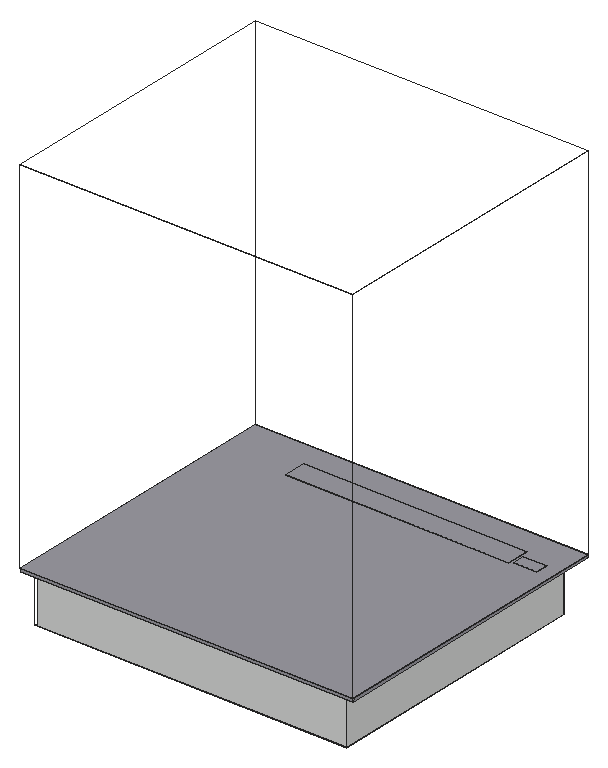
Revit family "CI604ZZDTB5-CI604ZZDTG5-CN", category Specialty Equipment, Revit 2020
Family settings
  Round Connector Dimension = Use Diameter
  Part Type = Normal
  Work Plane-Based = Yes
  Always vertical = No
  Cut with Voids When Loaded = Yes
  Shared = No
  Room Calculation Point = No
Parameters (values of type "CI604ZZDTG5")
  URL = "www.fisherpaykel.com"
  Product - Width = 598.473 mm
  Product - Height = 90 mm
  Product - Depth = 528.471 mm
  Model = "CI604ZZDTG5"
  Material - Cooktop = Fisher & Paykel - Glass, Grey
  Manufacturer = "Fisher & Paykel Appliances"
  Description = "60cm Series 7 Induction Cooktop"
  Default Elevation = 0 mm
  Clearance - Overhead Rangehood = 650 mm
  Clearance - Below Cooktop = 86 mm
  Cavity - Width = 560 mm
  Cavity - Height = 2260.449 mm
  Cavity - Depth = 490 mm
Types (3, lengths in mm): name | Model | Material - Cooktop
  (no name) | "CI604ZZDTG5" | Fisher & Paykel - Glass, Grey
  CI604ZZDTB5 | "CI604ZZDTB5" | Fisher & Paykel - Glass, Black
  CI604ZZDTG5 | "CI604ZZDTG5" | Fisher & Paykel - Glass, Grey
Reference planes
  plane 1 "Center (Front/Back)": y = 0
  plane 2: z = 0
  plane 3 "Center (Left/Right)": x = 0
  plane 4 "Product - LHS": x = -299.237
  plane 5 "Product - RHS": x = 299.237
  plane 6 "Cavity - RHS": x = 280
  plane 7 "Cavity - LHS": x = -280
  plane 8 "Product - Depth": y = 528.471
  plane 9 "Product - Height": z = 4
  plane 10: y = 10
  plane 11: y = 500
  plane 12: z = -86
  plane 13: z = 654
Forms (mm)
  Extrusion 1, solid, not visible
    sketch origin (-149.236, 268.236, 0) x (0, 1, 0) y (1, 0, 0)
      loop
        line (-528.472, 298.472) -> (-528.472, 0) -> (0, 0) -> (0, 298.472) -> (-528.472, 298.472)
    from 0 to -4
  Extrusion 2, solid, not visible
    sketch origin (-149.236, 268.236, 4) x (0, 1, 0) y (-1, 0, 0)
      loop
        line (-86.236, -44.236) -> (-86.236, -229.236) -> (-46.236, -229.236) -> (-46.236, -44.236) -> (-86.236, -44.236)
      loop
        line (-60.236, -234.236) -> (-82.236, -234.236) -> (-82.236, -276.236) -> (-60.236, -276.236) -> (-60.236, -234.236)
    from 0 to -2.95
  Extrusion 3, solid, material "Fisher & Paykel - Glass, Grey" <- "Material - Cooktop"
    sketch origin (0, 0, 0) x (1, 0, 0) y (0, 1, 0)
      loop
        line (-299.235, 526.981) -> (-299.235, 1.491)
        arc (-299.235, 1.491) -> (-298.802, 0.427) -> (-297.736, 0) r 1.468
        line (-297.736, 0) -> (297.745, 0.001)
        arc (297.745, 0.001) -> (298.809, 0.434) -> (299.237, 1.5) r 1.468
        line (299.237, 1.5) -> (299.237, 526.974)
        arc (299.237, 526.974) -> (298.809, 528.039) -> (297.745, 528.471) r 1.468
        line (297.745, 528.471) -> (-297.738, 528.473)
        arc (-297.738, 528.473) -> (-298.803, 528.045) -> (-299.235, 526.981) r 1.468
    from 0 to 4
  Extrusion 4, solid, material "Fisher & Paykel - Glass, Grey" <- "Material - Cooktop"
    sketch origin (0, 0, 0) x (1, 0, 0) y (0, 1, 0)
      loop
        line (-175, 482.236) -> (-175, 442.236) -> (225, 442.236) -> (225, 482.236) -> (-175, 482.236)
      loop
        line (230, 468.236) -> (230, 446.236) -> (272, 446.236) -> (272, 468.236) -> (230, 468.236)
    from 1.582 to 4
  Extrusion 5, solid, material "Fisher & Paykel - Clearance Required"
    sketch origin (0, 0, 0) x (1, 0, 0) y (0, 1, 0)
      loop
        line (-280, 500) -> (-280, 10) -> (280, 10) -> (280, 500) -> (-280, 500)
    from 0 to -86
  Extrusion 6, void
    sketch origin (0, 0, 0) x (1, 0, 0) y (0, 1, 0)
      loop
        line (-280, 500) -> (-280, 10) -> (280, 10) -> (280, 500) -> (-280, 500)
    from 0 to -86
  Extrusion 7, solid, material "Fisher & Paykel - Clearance Required"
    sketch origin (0, 0, 4) x (1, 0, 0) y (0, 1, 0)
      loop
        line (299.237, 528.471) -> (-299.237, 528.471) -> (-299.237, 0) -> (299.237, 0) -> (299.237, 528.471)
    from 0 to 650
  Extrusion 8, solid, material "Fisher & Paykel - Steel Galvanized"
    sketch origin (0, 0, 0) x (1, 0, 0) y (0, 1, 0)
      loop
        line (-277.5, 497.5) -> (-277.5, 12.5) -> (277.5, 12.5) -> (277.5, 497.5) -> (-277.5, 497.5)
    from 0 to -86
Dimensions and locks
  "Product - Width": plane 4 "Product - LHS" to plane 5 "Product - RHS"
  equal spacing: plane 4 "Product - LHS", plane 3 "Center (Left/Right)", plane 5 "Product - RHS"
  "Cavity - Width": plane 7 "Cavity - LHS" to plane 6 "Cavity - RHS"
  "Product - Depth": plane 8 "Product - Depth" to plane 1 "Center (Front/Back)"
  equal spacing: plane 7 "Cavity - LHS", plane 3 "Center (Left/Right)", plane 6 "Cavity - RHS"
  "Cavity - Depth": plane 11 to plane 10
  "Clearance - Below Cooktop": plane 12 to plane 2
  "Product - Height": plane 9 "Product - Height" to plane 12
  "Clearance - Overhead Rangehood": plane 13 to plane 9 "Product - Height"
  aligned and locked: level to plane 2
  aligned and locked: plane 9 "Product - Height" to Extrusion 3
  aligned and locked: plane 9 "Product - Height" to Extrusion 4
  aligned and locked: Extrusion 5 sketch curve to plane 7 "Cavity - LHS"
  aligned and locked: Extrusion 5 sketch curve to plane 11
  aligned and locked: Extrusion 5 sketch curve to plane 6 "Cavity - RHS"
  aligned and locked: Extrusion 5 sketch curve to plane 10
  aligned and locked: Extrusion 6 to plane 12
  aligned and locked: Extrusion 5 to plane 12
  aligned and locked: Extrusion 7 sketch curve to plane 5 "Product - RHS"
  aligned and locked: Extrusion 7 sketch curve to plane 4 "Product - LHS"
  aligned and locked: Extrusion 7 sketch curve to plane 8 "Product - Depth"
  aligned and locked: Extrusion 7 sketch curve to plane 1 "Center (Front/Back)"
  aligned and locked: plane 13 to Extrusion 7
  aligned and locked: Extrusion 8 to plane 12
Automatic sketch dimensions
  Extrusion 2 sketch curve to Extrusion 1 = 86.236 mm
  Extrusion 2 sketch curve to Extrusion 2 sketch curve = 40 mm
  Extrusion 2 sketch curve to Extrusion 1 = 69.236 mm
  Extrusion 2 sketch curve to Extrusion 1 = 44.236 mm
  Extrusion 2 sketch curve to Extrusion 2 sketch curve = 4 mm
  Extrusion 2 sketch curve to Extrusion 2 sketch curve = 14 mm
  Extrusion 2 sketch curve to Extrusion 2 sketch curve = 5 mm
  Extrusion 2 sketch curve to Extrusion 1 = 22.236 mm
  Extrusion 1 sketch curve to Extrusion 1 sketch curve = 0 mm  (x3)
  Extrusion 1 sketch curve to Extrusion 1 sketch curve = 528.472 mm
  Extrusion 1 sketch curve to Extrusion 1 sketch curve = 298.472 mm  (x2)
  plane 4 "Product - LHS" to Extrusion 3 sketch curve = 0.002 mm  (x2)
  Extrusion 3 sketch curve to Extrusion 3 sketch curve = 1.468 mm  (x3)
  plane 8 "Product - Depth" to Extrusion 3 sketch curve = 0.001 mm
  Extrusion 3 sketch curve to Extrusion 3 sketch curve = 0.029 mm
  plane 1 "Center (Front/Back)" to Extrusion 3 sketch curve = 0 mm
  Extrusion 3 sketch curve to Extrusion 3 sketch curve = 0.031 mm
  Extrusion 3 sketch curve to plane 1 "Center (Front/Back)" = 0.001 mm
  Extrusion 3 sketch curve to plane 5 "Product - RHS" = 1.491 mm  (x2)
  Extrusion 3 sketch curve to plane 8 "Product - Depth" = 0 mm
  Extrusion 3 sketch curve to plane 5 "Product - RHS" = 1.468 mm  (x2)
  Extrusion 3 sketch curve to plane 5 "Product - RHS" = 0 mm
  plane 5 "Product - RHS" to Extrusion 3 sketch curve = 0 mm
  Extrusion 3 sketch curve to plane 1 "Center (Front/Back)" = 1.467 mm
  Extrusion 3 sketch curve to plane 8 "Product - Depth" = 1.498 mm
  Extrusion 3 sketch curve to plane 8 "Product - Depth" = 1.49 mm
  Extrusion 4 sketch curve to plane 11 = 17.764 mm
  plane 7 "Cavity - LHS" to Extrusion 4 sketch curve = 105 mm
  Extrusion 4 sketch curve to plane 6 "Cavity - RHS" = 55 mm
  Extrusion 4 sketch curve to Extrusion 4 sketch curve = 5 mm
  Extrusion 4 sketch curve to plane 6 "Cavity - RHS" = 8 mm
  Extrusion 4 sketch curve to Extrusion 4 sketch curve = 14 mm
  Extrusion 4 sketch curve to Extrusion 4 sketch curve = 22 mm
  Extrusion 4 sketch curve to Extrusion 4 sketch curve = 40 mm
  Extrusion 6 sketch curve to plane 10 = 0 mm
  Extrusion 6 sketch curve to plane 11 = 0 mm
  plane 4 "Product - LHS" to Extrusion 6 sketch curve = 19.237 mm
  plane 3 "Center (Left/Right)" to Extrusion 6 sketch curve = 280 mm
  plane 7 "Cavity - LHS" to Extrusion 8 sketch curve = 2.5 mm
  Extrusion 8 sketch curve to plane 6 "Cavity - RHS" = 2.5 mm
  plane 10 to Extrusion 8 sketch curve = 2.5 mm
  Extrusion 8 sketch curve to plane 11 = 2.5 mm
